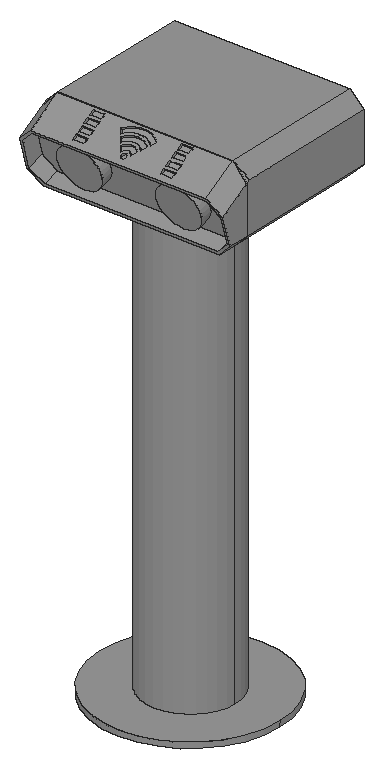
Revit family "26356 Стационарное зарядное устройство и точка доступа Wi-Fi «Валли» на стойке Хоббика", category Антураж, Revit 2018
Family settings
  На основе рабочей плоскости = Нет
  Всегда вертикально = Да
  При загрузке вырезать с полостями = Нет
  Источник визуального образа = Геометрия семейства
  Общий = Нет
  Точка расчета площади = Нет
Parameters (values of type "4 розетки USB 3А")
  Ширина = 160 mm  # constant formula
  Цвет отделки = Оранжевый
  Цвет каркаса = Серый
  Описание = if([1 розетка USB 3А, 1 розетка Type-C 3А, 1 розетка 220В], "Стационарное зарядное устройство и точка доступа Wi-Fi «Валли» на стойке. Версия 1 розетка USB 3А, 1 розетка Type-C 3А, 1 розетка 220В", if([2 розетки 220В], "Стационарное зарядное устройство и точка доступа Wi-Fi «Валли» на стойке. Версия 2 розетки 220В", if([2 розетки Type-C 3А и 1 розетка 220В], "Стационарное зарядное устройство и точка доступа Wi-Fi «Валли» на стойке. Версия 2 розетки Type-C 3А, 1 розетка 220В", if([2 розетки USB 3А и 1 розетка 220В], "Стационарное зарядное устройство и точка доступа Wi-Fi «Валли» на стойке. Версия 2 розетки USB 3А, 1 розетка 220В", if([2 розетки USB 3А и 2 розетки Type-C 3А], "Стационарное зарядное устройство и точка доступа Wi-Fi «Валли» на стойке. Версия 2 розетки USB 3А, 2 розетки Type-C 3А", if([4 розетки Type-C 3А], "Стационарное зарядное устройство и точка доступа Wi-Fi «Валли» на стойке. Версия 4 розетки Type-C 3А", "Стационарное зарядное устройство и точка доступа Wi-Fi «Валли» на стойке. Версия 2 розетки USB 3А"))))))  # "Стационарное зарядное устройство и точка доступа Wi-Fi «Валли» на стойке. Версия 2 розетки USB 3А"
  Материал изделия = "Сталь"  # constant formula
  Изображение типоразмера = Стационарное зарядное устройство и точка доступа Wi-Fi «Валли» на стойке Арт 26356.jpg
  Изготовитель = "ООО «Хоббика»"  # constant formula
  Длина = 180 mm  # constant formula
  Группа модели = "Умная городская мебель"  # constant formula
  Высота = 472 mm  # constant formula
  Артикул товара = "Арт. 26356"  # constant formula
  URL = "https://hobbyka.ru/product/statsionarnoe_zaryadnoe_ustroystvo_i_tochka_dostupa_wifi_walli_na_stoyke"
  4 розетки USB 3А = yes
  4 розетки Type-C 3А = no
  2 розетки USB 3А и 2 розетки Type-C 3А = no
  2 розетки USB 3А и 1 розетка 220В = no
  2 розетки Type-C 3А и 1 розетка 220В = no
  2 розетки 220В = no
  1 розетка USB 3А, 1 розетка Type-C 3А, 1 розетка 220В = no
Types (8, lengths in mm): name | Описание | 4 розетки USB 3А | 4 розетки Type-C 3А | 2 розетки USB 3А и 2 розетки Type-C 3А | 2 розетки USB 3А и 1 розетка 220В | 2 розетки Type-C 3А и 1 розетка 220В | 2 розетки 220В | 1 розетка USB 3А, 1 розетка Type-C 3А, 1 розетка 220В
  (no name) | "Стационарное зарядное устройство и точка доступа Wi-Fi «Валли» на стойке. Версия 2 розетки USB 3А" | yes | no | no | no | no | no | no
  1 розетка USB 3А, 1 розетка Type-C 3А, 1 розетка 220В | "Стационарное зарядное устройство и точка доступа Wi-Fi «Валли» на стойке. Версия 1 розетка USB 3А, 1 розетка Type-C 3А, 1 розетка 220В" | no | no | no | no | no | no | yes
  2 розетки 220В | "Стационарное зарядное устройство и точка доступа Wi-Fi «Валли» на стойке. Версия 2 розетки 220В" | no | no | no | no | no | yes | no
  2 розетки Type-C 3А и 1 розетка 220В | "Стационарное зарядное устройство и точка доступа Wi-Fi «Валли» на стойке. Версия 2 розетки Type-C 3А, 1 розетка 220В" | no | no | no | no | yes | no | no
  2 розетки USB 3А и 1 розетка 220В | "Стационарное зарядное устройство и точка доступа Wi-Fi «Валли» на стойке. Версия 2 розетки USB 3А, 1 розетка 220В" | no | no | no | yes | no | no | no
  2 розетки USB 3А и 2 розетки Type-C 3А | "Стационарное зарядное устройство и точка доступа Wi-Fi «Валли» на стойке. Версия 2 розетки USB 3А, 2 розетки Type-C 3А" | no | no | yes | no | no | no | no
  4 розетки Type-C 3А | "Стационарное зарядное устройство и точка доступа Wi-Fi «Валли» на стойке. Версия 4 розетки Type-C 3А" | no | yes | no | no | no | no | no
  4 розетки USB 3А | "Стационарное зарядное устройство и точка доступа Wi-Fi «Валли» на стойке. Версия 2 розетки USB 3А" | yes | no | no | no | no | no | no
Reference planes
  plane 1 "По центру (Вперед/Назад)": y = 0
  plane 2: z = 0
  plane 3 "По центру (Влево/Вправо)": x = 0
  plane 4: x = 180
  plane 5: y = 160
  plane 6: z = 472
Forms (mm)
  Extrusion 1, solid, material "Серый" <- "Цвет каркаса"
    sketch origin (0, 0, 0) x (1, 0, 0) y (0, 1, 0)
      loop
        circle (90, 80) r 80
    from 0 to 5
  Extrusion 2, solid, material "Серый" <- "Цвет каркаса"
    sketch origin (0, 0, 0) x (1, 0, 0) y (0, 1, 0)
      loop
        circle (90, 80) r 40
    from 5 to 404
Dimensions and locks
  "Ширина": plane 5 to plane 1 "По центру (Вперед/Назад)"
  "Длина": plane 4 to plane 3 "По центру (Влево/Вправо)"
  "Высота": plane 6 to plane 2
  aligned and locked: level to plane 2
Automatic sketch dimensions
  plane 3 "По центру (Влево/Вправо)" to Extrusion 1 sketch curve = 90 mm
  Extrusion 1 sketch curve to plane 1 "По центру (Вперед/Назад)" = 80 mm
  Extrusion 2 sketch curve to Extrusion 2 sketch curve = 0 mm  (x2)
  plane 3 "По центру (Влево/Вправо)" to Extrusion 2 sketch curve = 90 mm
  Extrusion 2 sketch curve to plane 1 "По центру (Вперед/Назад)" = 80 mm
  Extrusion 2 sketch curve to Extrusion 2 sketch curve = 40 mm
  radius of Extrusion 1 sketch curve = 80 mm
Nested families
  nested 1: "Зарядное устройство и точка доступа Wi-Fi «Валли» для стойки" at (0, 0, 404), type "Зарядное устройство и точка доступа Wi-Fi «Валли» 2xUSB и 1x220V"
Definition of nested family "Зарядное устройство и точка доступа Wi-Fi «Валли» для стойки"
  Parameters (values of type "арядное устройство и точка доступа Wi-Fi «Валли» 2xUSB и 1x220V")
    Ширина = 160 mm  # constant formula
    Цвет отделки = none
    Цвет каркаса = none
    Description = "арядное устройство и точка доступа Wi-Fi «Валли» 2xUSB и 1x220V"  # constant formula
    Материал изделия = "Сталь"  # constant formula
    Type Image = element 2691
    Manufacturer = "ООО «Хоббика»"  # constant formula
    Длина = 180 mm  # constant formula
    Model = "Умная городская мебель"  # constant formula
    Height = 68 mm  # constant formula
    Артикул товара = "Арт. 26344"  # constant formula
    URL = "https://hobbyka.ru/product/zaryadnoe_ustroystvo_i_tochka_dostupa_wifi_valli_2x_usb_i_1x220v"
  Reference planes
    plane 1 "По центру (Вперед/Назад)": y = 0
    plane 2: z = 0
    plane 3 "По центру (Влево/Вправо)": x = 0
    plane 4: y = 160
    plane 5: x = 180
    plane 6: z = 68
  Forms (mm)
    Extrusion 1, solid, material <- "Цвет каркаса"
      sketch origin (0, -1.201, 0) x (1, 0, 0) y (0, 1, 0)
        loop
          line (0, 161.201) -> (0, 31.201) -> (180, 31.201) -> (180, 161.201) -> (0, 161.201)
      from 0 to 68
    Extrusion 2, solid, material <- "Цвет отделки"
      sketch origin (0, -131.201, 0) x (1, 0, 0) y (0, 1, 0)
        loop
          line (0, 161.201) -> (0, 131.201) -> (180, 131.201) -> (180, 161.201) -> (0, 161.201)
      from 0 to 68
    Extrusion 3, void
      sketch origin (0, 0, 0) x (1, 0, 0) y (0, 0, 1)
        loop
          line (180, 0) -> (180, 12) -> (168, 0) -> (180, 0)
        loop
          line (0, 0) -> (12, 0) -> (0, 12) -> (0, 0)
      from 0 to -160
    Sweep 4, void
      path origin (0, 0, 0) x (0, 1, 0) y (0, 0, 1)
        loop
          line (160, 68) -> (30, 68) -> (-13.301, 43)
      profile origin (0, 95, 68) x (0, 0, -1) y (1, 0, 0)
        loop
          line (0, 12) -> (0, 168) -> (12, 180) -> (-20, 180) -> (-20, 0) -> (12, 0) -> (0, 12)
    Extrusion 5, void
      sketch origin (0, 0, 0) x (0, 1, 0) y (0, 0, 1)
        loop
          line (0, 50.679) -> (0, 0) -> (15, 0) -> (0, 50.679)
      from 0 to 250
    Extrusion 6, void
      sketch origin (0, 15, 0) x (0, 0.283807, -0.958881) y (-1, 0, 0)
        loop
          line (-39.699, -2) -> (-50.853, -12.845) -> (-50.853, -167.155) -> (-39.699, -178) -> (-13.319, -178) -> (-2, -167.147) -> (-2, -12.853) -> (-13.319, -2) -> (-39.699, -2)
      from 0 to 15
    Extrusion 7, solid
      sketch origin (0, 29.383, 4.257) x (0, -0.283807, 0.958881) y (-1, 0, 0)
        loop
          circle (26.426, -46) r 20
        loop
          circle (26.426, -134) r 20
      from 0 to 10
    Extrusion 8, void
      sketch origin (168, 30, 68) x (1, 0, 0) y (0, -0.866025, -0.5)
        loop
          circle (-78, 27.108) r 2.5
        loop
          arc (-73.495, 24.939) -> (-78, 22.108) -> (-82.505, 24.939) r 5
          line (-82.505, 24.939) -> (-85.52, 20.516)
          arc (-85.52, 20.516) -> (-78, 17.108) -> (-70.48, 20.516) r 10
          line (-70.48, 20.516) -> (-73.495, 24.939)
        loop
          line (-86.964, 18.397) -> (-89.822, 14.205)
          arc (-89.822, 14.205) -> (-78, 9.608) -> (-66.178, 14.205) r 17.5
          line (-66.178, 14.205) -> (-69.036, 18.397)
          arc (-69.036, 18.397) -> (-78, 14.608) -> (-86.964, 18.397) r 12.5
        loop
          line (-91.243, 12.121) -> (-94.077, 7.963)
          arc (-94.077, 7.963) -> (-78, 2.108) -> (-61.923, 7.963) r 25
          line (-61.923, 7.963) -> (-64.757, 12.121)
          arc (-64.757, 12.121) -> (-78, 7.108) -> (-91.243, 12.121) r 20
        loop
          line (-44, 2.108) -> (-34, 2.108) -> (-34, 7.108) -> (-44, 7.108) -> (-44, 2.108)
        loop
          line (-44, 29.608) -> (-44, 24.608) -> (-34, 24.608) -> (-34, 29.608) -> (-44, 29.608)
        loop
          line (-44, 14.608) -> (-44, 9.608) -> (-34, 9.608) -> (-34, 14.608) -> (-44, 14.608)
        loop
          line (-44, 17.108) -> (-34, 17.108) -> (-34, 22.108) -> (-44, 22.108) -> (-44, 17.108)
        loop
          line (-112, 2.108) -> (-112, 7.108) -> (-122, 7.108) -> (-122, 2.108) -> (-112, 2.108)
        loop
          line (-112, 29.608) -> (-122, 29.608) -> (-122, 24.608) -> (-112, 24.608) -> (-112, 29.608)
        loop
          line (-112, 14.608) -> (-122, 14.608) -> (-122, 9.608) -> (-112, 9.608) -> (-112, 14.608)
        loop
          line (-112, 17.108) -> (-112, 22.108) -> (-122, 22.108) -> (-122, 17.108) -> (-112, 17.108)
      from 0 to 2
    Extrusion 9, solid
      sketch origin (168, 30, 68) x (-1, 0, 0) y (0, -0.866025, -0.5)
        loop
          line (44, 24.608) -> (44, 29.608) -> (34, 29.608) -> (34, 24.608) -> (44, 24.608)
        loop
          line (44, 17.108) -> (44, 22.108) -> (34, 22.108) -> (34, 17.108) -> (44, 17.108)
        loop
          line (44, 9.608) -> (44, 14.608) -> (34, 14.608) -> (34, 9.608) -> (44, 9.608)
        loop
          line (44, 2.108) -> (44, 7.108) -> (34, 7.108) -> (34, 2.108) -> (44, 2.108)
        loop
          line (94.077, 7.963) -> (91.243, 12.121)
          arc (91.243, 12.121) -> (78, 7.108) -> (64.757, 12.121) r 20
          line (64.757, 12.121) -> (61.923, 7.963)
          arc (61.923, 7.963) -> (78, 2.108) -> (94.077, 7.963) r 25
        loop
          line (89.822, 14.205) -> (86.964, 18.397)
          arc (86.964, 18.397) -> (78, 14.608) -> (69.036, 18.397) r 12.5
          line (69.036, 18.397) -> (66.178, 14.205)
          arc (66.178, 14.205) -> (78, 9.608) -> (89.822, 14.205) r 17.5
        loop
          line (85.52, 20.516) -> (82.505, 24.939)
          arc (82.505, 24.939) -> (78, 22.108) -> (73.495, 24.939) r 5
          line (73.495, 24.939) -> (70.48, 20.516)
          arc (70.48, 20.516) -> (78, 17.108) -> (85.52, 20.516) r 10
        loop
          circle (78, 27.108) r 2.5
        loop
          line (122, 2.108) -> (122, 7.108) -> (112, 7.108) -> (112, 2.108) -> (122, 2.108)
        loop
          line (122, 9.608) -> (122, 14.608) -> (112, 14.608) -> (112, 9.608) -> (122, 9.608)
        loop
          line (122, 17.108) -> (122, 22.108) -> (112, 22.108) -> (112, 17.108) -> (122, 17.108)
        loop
          line (122, 24.608) -> (122, 29.608) -> (112, 29.608) -> (112, 24.608) -> (122, 24.608)
      from -2 to -1
  Cuts and joins
    Extrusion 3, Sweep 4, Extrusion 5, Extrusion 6, Extrusion 8 cuts Extrusion 2
    Extrusion 3, Sweep 4, Extrusion 6, Extrusion 8 cuts Extrusion 1
  Dimensions and locks
    "Длина": plane 3 "По центру (Влево/Вправо)" to plane 5
    "Ширина": plane 4 to plane 1 "По центру (Вперед/Назад)"
    "Height": plane 6 to plane 2
    aligned and locked: level to plane 2
  Automatic sketch dimensions
    Extrusion 1 sketch curve to plane 3 "По центру (Влево/Вправо)" = 0 mm
    Extrusion 1 sketch curve to plane 5 = 0 mm
    Extrusion 1 sketch curve to plane 4 = 0 mm
    Extrusion 1 sketch curve to plane 1 "По центру (Вперед/Назад)" = 30 mm
    Extrusion 2 sketch curve to plane 3 "По центру (Влево/Вправо)" = 0 mm
    Extrusion 2 sketch curve to plane 5 = 0 mm
    plane 1 "По центру (Вперед/Назад)" to Extrusion 2 sketch curve = 0 mm
    Extrusion 2 sketch curve to plane 1 "По центру (Вперед/Назад)" = 30 mm
    Extrusion 3 sketch curve to plane 3 "По центру (Влево/Вправо)" = 0 mm
    Extrusion 3 sketch curve to level = 0 mm  (x2)
    Extrusion 3 sketch curve to plane 5 = 0 mm
    Extrusion 3 sketch curve to Extrusion 3 sketch curve = 12 mm  (x2)
    level to Extrusion 3 sketch curve = 12 mm
    plane 3 "По центру (Влево/Вправо)" to Extrusion 3 sketch curve = 12 mm
    Sweep 4 sketch curve to plane 3 "По центру (Влево/Вправо)" = 0 mm
    Sweep 4 sketch curve to profile plane = 0 mm
    profile plane to Sweep 4 sketch curve = 20 mm
    Sweep 4 sketch curve to profile plane = 12 mm  (x2)
    plane 3 "По центру (Влево/Вправо)" to Sweep 4 sketch curve = 12 mm
    Sweep 4 sketch curve to Sweep 4 sketch curve = 156 mm
    Sweep 4 sketch curve to Sweep 4 sketch curve = 12 mm
    Sweep 4 sketch curve to plane 6 = 0 mm
    Sweep 4 sketch curve to plane 4 = 0 mm
    Sweep 4 sketch curve to plane 1 "По центру (Вперед/Назад)" = 30 mm
    plane 1 "По центру (Вперед/Назад)" to Sweep 4 sketch curve = 13.301 mm
    Sweep 4 sketch curve to plane 6 = 25 mm
    Extrusion 5 sketch curve to level = 0 mm
    Extrusion 5 sketch curve to plane 1 "По центру (Вперед/Назад)" = 0 mm
    Extrusion 5 sketch curve to plane 1 "По центру (Вперед/Назад)" = 15 mm
    Extrusion 5 sketch curve to plane 6 = 17.321 mm
    Extrusion 5 to Extrusion 6 sketch curve = 2 mm
    Extrusion 6 sketch curve to Extrusion 5 = 2 mm  (x2)
    Extrusion 5 to Extrusion 6 sketch curve = 13.154 mm  (x2)
    Extrusion 6 sketch curve to Extrusion 5 = 13.319 mm  (x2)
    Extrusion 6 sketch curve to Extrusion 5 = 12.853 mm
    Extrusion 6 sketch curve to Extrusion 5 = 12.845 mm
    Extrusion 6 sketch curve to Extrusion 5 = 82.845 mm
    Extrusion 6 sketch curve to Extrusion 6 sketch curve = 0.008 mm
    Extrusion 6 sketch curve to Extrusion 6 sketch curve = 10.853 mm
    Extrusion 8 sketch curve to Extrusion 8 sketch curve = 0 mm  (x23)
    Extrusion 8 sketch curve to Sweep 4 = 34 mm
    Extrusion 8 sketch curve to Sweep 4 = 7.108 mm
    Extrusion 8 sketch curve to Extrusion 8 sketch curve = 10 mm  (x3)
    Extrusion 8 sketch curve to Sweep 4 = 7.963 mm  (x2)
    Extrusion 8 sketch curve to Extrusion 8 sketch curve = 17.923 mm  (x2)
    Extrusion 8 sketch curve to Sweep 4 = 12.121 mm  (x2)
    Extrusion 8 sketch curve to Extrusion 8 sketch curve = 2.834 mm
    Extrusion 8 sketch curve to Sweep 4 = 14.205 mm  (x2)
    Extrusion 8 sketch curve to Extrusion 8 sketch curve = 1.421 mm
    Extrusion 8 sketch curve to Sweep 4 = 18.397 mm  (x2)
    Extrusion 8 sketch curve to Extrusion 8 sketch curve = 2.857 mm
    Extrusion 8 sketch curve to Sweep 4 = 20.516 mm  (x2)
    Extrusion 8 sketch curve to Extrusion 8 sketch curve = 1.445 mm
    Extrusion 8 sketch curve to Sweep 4 = 24.939 mm  (x2)
    Extrusion 8 sketch curve to Extrusion 8 sketch curve = 3.015 mm
    Extrusion 8 sketch curve to Extrusion 8 sketch curve = 4.505 mm
    Extrusion 8 sketch curve to Sweep 4 = 2.108 mm  (x2)
    Extrusion 8 sketch curve to Extrusion 8 sketch curve = 5 mm  (x7)
    Extrusion 8 sketch curve to Extrusion 8 sketch curve = 2.5 mm  (x6)
    Extrusion 8 sketch curve to Extrusion 8 sketch curve = 2.17 mm
    Extrusion 9 sketch curve to Sweep 4 = 34 mm
    Extrusion 9 sketch curve to Extrusion 9 sketch curve = 10 mm  (x2)
    Sweep 4 to Extrusion 9 sketch curve = 24.608 mm
    Extrusion 9 sketch curve to Extrusion 9 sketch curve = 5 mm  (x6)
    Extrusion 9 sketch curve to Extrusion 9 sketch curve = 0 mm  (x24)
    Extrusion 9 sketch curve to Extrusion 9 sketch curve = 2.5 mm  (x7)
    Extrusion 9 sketch curve to Extrusion 9 sketch curve = 7.5 mm
    Sweep 4 to Extrusion 9 sketch curve = 2.108 mm  (x2)
    Sweep 4 to Extrusion 9 sketch curve = 7.963 mm  (x2)
    Extrusion 9 sketch curve to Extrusion 9 sketch curve = 17.923 mm  (x2)
    Sweep 4 to Extrusion 9 sketch curve = 12.121 mm  (x2)
    Extrusion 9 sketch curve to Extrusion 9 sketch curve = 2.834 mm
    Extrusion 9 sketch curve to Extrusion 9 sketch curve = 13.243 mm
    Extrusion 9 sketch curve to Extrusion 9 sketch curve = 14.988 mm
    Sweep 4 to Extrusion 9 sketch curve = 14.205 mm  (x2)
    Extrusion 9 sketch curve to Extrusion 9 sketch curve = 1.421 mm
    Sweep 4 to Extrusion 9 sketch curve = 18.397 mm  (x2)
    Extrusion 9 sketch curve to Extrusion 9 sketch curve = 2.857 mm
    Sweep 4 to Extrusion 9 sketch curve = 20.516 mm  (x2)
    Extrusion 9 sketch curve to Extrusion 9 sketch curve = 1.445 mm
    Sweep 4 to Extrusion 9 sketch curve = 24.939 mm  (x2)
    Extrusion 9 sketch curve to Extrusion 9 sketch curve = 4.505 mm
    Extrusion 7 sketch curve to Extrusion 6 = 24.426 mm  (x2)
    Extrusion 7 sketch curve to Extrusion 6 = 44 mm  (x2)
    radius of Extrusion 7 sketch curve = 20 mm  (x2)
    radius of Extrusion 8 sketch curve = 2.5 mm
